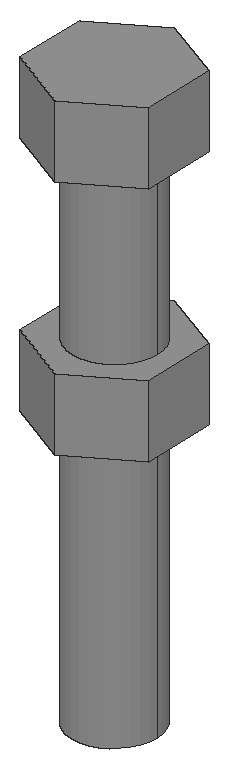
Revit family "Lag Bolt", category Generic Models, Revit 2017
Family settings
  Can host rebar = No
  Round Connector Dimension = Use Diameter
  Part Type = Normal
  Work Plane-Based = Yes
  Always vertical = No
  Cut with Voids When Loaded = No
  Shared = No
  Room Calculation Point = No
Parameters (values of type "1/2" x 3"")
  Thickness_of_Substrate [instance] = 0' - 1"
  Side = Head Size * 0.57812  # 0' - 0 111/256"
  Radius = Diameter / 2  # 0' - 0 1/4"
  Nut_Visibility [instance] = yes
  Length = 0' - 3"
  Head Size = 0' - 0 3/4"
  Head Radius = Head Size / 2  # 0' - 0 3/8"
  Head Height = 0' - 0 27/64"
  Diameter = 0' - 0 1/2"
  Default Elevation = 4' - 0"
  Bolt Material (Size) [instance] = STRUCTURAL BOLTS (PAINT TO MATCH STEEL FINISH)
Types (10): name | Side | Radius | Length | Head Size | Head Radius | Head Height | Diameter | Bolt Material (Size)
  1/2" x 3" | 0' - 0 111/256" | 0' - 0 1/4" | 0' - 3" | 0' - 0 3/4" | 0' - 0 3/8" | 0' - 0 27/64" | 0' - 0 1/2" | STRUCTURAL BOLTS (PAINT TO MATCH STEEL FINISH)
  1/4" x 3" | 0' - 0.25293" | 0' - 0 1/8" | 0' - 3" | 0' - 0 7/16" | 0' - 0 7/32" | 0' - 0 11/64" | 0' - 0 1/4" | STRUCTURAL BOLTS (PAINT TO MATCH STEEL FINISH)
  5/16" x 3" | 0' - 0 37/128" | 0' - 0 5/32" | 0' - 3" | 0' - 0 1/2" | 0' - 0 1/4" | 0' - 0 7/32" | 0' - 0 5/16" | STRUCTURAL BOLTS (PAINT TO MATCH STEEL FINISH)
  3/8" x 3" | 0' - 0.3252" | 0' - 0 3/16" | 0' - 3" | 0' - 0 9/16" | 0' - 0 9/32" | 0' - 0 1/4" | 0' - 0 3/8" | STRUCTURAL BOLTS (PAINT TO MATCH STEEL FINISH)
  7/16" x 3" | 0' - 0.36133" | 0' - 0 7/32" | 0' - 3" | 0' - 0 5/8" | 0' - 0 5/16" | 0' - 0 19/64" | 0' - 0 7/16" | STRUCTURAL BOLTS (PAINT TO MATCH STEEL FINISH)
  5/8" x 3" | 0' - 0.54199" | 0' - 0 5/16" | 0' - 3" | 0' - 0 15/16" | 0' - 0 15/32" | 0' - 0 27/64" | 0' - 0 5/8" | STRUCTURAL BOLTS (PAINT TO MATCH STEEL FINISH)
  1/2" x 2 1/2" | 0' - 0 111/256" | 0' - 0 1/4" | 0' - 2 1/2" | 0' - 0 3/4" | 0' - 0 3/8" | 0' - 0 11/32" | 0' - 0 1/2" | STRUCTURAL BOLTS (PAINT TO MATCH STEEL FINISH)
  3/4" x 2" | 0' - 0.65039" | 0' - 0 3/8" | 0' - 2" | 0' - 1 1/8" | 0' - 0 9/16" | 0' - 0 1/2" | 0' - 0 3/4" | STRUCTURAL BOLTS (PAINT TO MATCH STEEL FINISH)
  3/8" x 1" | 0' - 0.3252" | 0' - 0 3/16" | 0' - 1" | 0' - 0 9/16" | 0' - 0 9/32" | 0' - 0 1/4" | 0' - 0 3/8" | STRUCTURAL BOLTS (PAINT TO MATCH STEEL FINISH)
  1/2" x 4" | 0' - 0 111/256" | 0' - 0 1/4" | 0' - 4" | 0' - 0 3/4" | 0' - 0 3/8" | 0' - 0 1/2" | 0' - 0 1/2" | 1" GALV. LAG BOLT (LENGTH = 1/2" SHY OF GLULAM DEPTH) -  (GALV. THRU BOLT IF PLATE ON OPP. SIDE OF STRUCT MEMBER)
Reference planes (in)
  plane 1 "Center (Front/Back)": y = 0
  plane 2: z = 0
  plane 3 "Center (Left/Right)": x = 0
  plane 4: z = 0.42187
  plane 5: z = -3
  plane 6: y = 0
  plane 7: x = 0
  plane 8: z = -1
Forms (in)
  Extrusion 1, solid, material "STRUCTURAL BOLTS (PAINT TO MATCH STEEL FINISH)" <- "Bolt Material (Size)"
    sketch origin (0, 0, 0) x (1, 0, 0) y (0, 1, 0)
      loop
        circle (0, 0) r 0.25
    from -3 to 0
Lines and regions (in)
  model lines, style "InvisibleLines"
    curve 1: line (0, -0.64952, 0.42188) -> (0, 0.64952, 0.42188)
    curve 2: line (0.375, 0, 0.42188) -> (-0.375, 0, 0.42188)
  symbolic lines, style "InvisibleLines"
    curve 3: line (0, 0, 0.42187) -> (0, 0, -3)
    curve 4: line (0, 0, 0.42187) -> (0, 0, -3)
Dimensions and locks (in)
  "Head Height": plane 4 to level
  "Length": level to plane 5
  "Thickness_of_Substrate": level to plane 8
  "Radius": radius of Extrusion 1 sketch curve
  aligned and locked: level to plane 2
  aligned and locked: Extrusion 1 to plane 5
  aligned and locked: plane 7 to curve 1
  aligned and locked: plane 6 to curve 2
  aligned and locked: plane 6 to curve 4
Automatic sketch dimensions
  curve 3 to plane 3 "Center (Left/Right)" = 0' - 0"
  curve 3 to plane 5 = 0' - 0"
  curve 3 to plane 4 = 0' - 0"
  curve 4 to plane 5 = 0' - 0"
  curve 4 to plane 4 = 0' - 0"
  curve 1 to curve 2 = 0' - 0.64952"
  curve 2 to curve 1 = 0' - 0.64952"
  curve 2 to nested 1 = 0' - 0"  (x2)
  plane 1 "Center (Front/Back)" to Extrusion 1 sketch curve = 0' - 0"
  Extrusion 1 sketch curve to plane 3 "Center (Left/Right)" = 0' - 0"
Nested families (in)
  nested 1: "Nut" at (0, 0, 0), Diameter <- "Diameter", Head Height <- "Head Height", Head Size <- "Head Size", Bolt Material (Size) <- "Bolt Material (Size)", type "one"
    with Side 0' - 0 111/256", Radius 0' - 0 1/4", Head Size 0' - 0 3/4", Head Radius 0' - 0 3/8", Head Height 0' - 0 27/64", Diameter 0' - 0 1/2", Bolt Material (Size) STRUCTURAL BOLTS (PAINT TO MATCH STEEL FINISH)
  nested 2: "Nut" at (0, 0, -1) x (1, 0, 0) z (0, 0, -1), Diameter <- "Diameter", Head Height <- "Head Height", Head Size <- "Head Size", visible <- "Nut_Visibility", type "one"
    with Side 0' - 0 111/256", Radius 0' - 0 1/4", Head Size 0' - 0 3/4", Head Radius 0' - 0 3/8", Head Height 0' - 0 27/64", Diameter 0' - 0 1/2", Bolt Material (Size) STRUCTURAL BOLTS (PAINT TO MATCH STEEL FINISH)
Definition of nested family "Nut"
  Parameters (values of type "one")
    Side [instance] = Head Size * 0.57812  # 0' - 0 111/256"
    Radius [instance] = Diameter / 2  # 0' - 0 1/4"
    Head Size [instance] = 0' - 0 3/4"
    Head Radius [instance] = Head Size / 2  # 0' - 0 3/8"
    Head Height [instance] = 0' - 0 11/32"
    Diameter [instance] = 0' - 0 1/2"
    Default Elevation = 4' - 0"
    Bolt Material (Size) [instance] = none
  Reference planes (in)
    plane 1 "Center (Front/Back)": y = 0
    plane 2: z = 0
    plane 3 "Center (Left/Right)": x = 0
    plane 4: z = 0.34375
    plane 5: y = 0
    plane 6: x = 0
  Forms (in)
    Extrusion 1, solid, material <- "Bolt Material (Size)"
      sketch origin (0, 0, 0) x (1, 0, 0) y (0, 1, 0)
        loop
          line (0, 0.43301) -> (-0.375, 0.21651) -> (-0.375, -0.21651) -> (0, -0.43301) -> (0.375, -0.21651) -> (0.375, 0.21651) -> (0, 0.43301)
      from 0 to 0.34375
  Lines and regions (in)
    symbolic lines
      curve 1: line (0, 0, 0.34375) -> (0, 0, -3)
  Dimensions and locks (in)
    "Head Height": plane 4 to level
    "Head Radius": Extrusion 1 sketch curve to plane 3 "Center (Left/Right)"
    "Head Radius": Extrusion 1 sketch curve to plane 6
    "Head Radius": Extrusion 1 sketch curve to plane 5  (x2)
    locked: Extrusion 1 sketch curve to Extrusion 1 sketch curve (angle 120.00°)  (x5)
    aligned and locked: level to plane 2
    aligned and locked: Extrusion 1 to plane 4
    aligned and locked: plane 5 to curve 1
  Automatic sketch dimensions
    curve 1 to plane 4 = 0' - 0"
    curve 1 to level = 0' - 3"
    Extrusion 1 sketch curve to plane 3 "Center (Left/Right)" = 0' - 0"  (x2)
Types in the file's own list only (1): name | Side | Length | Head Height
  Type 2 | 0' - 0 7/16" | 0' - 4" | 0' - 0 1/2"
